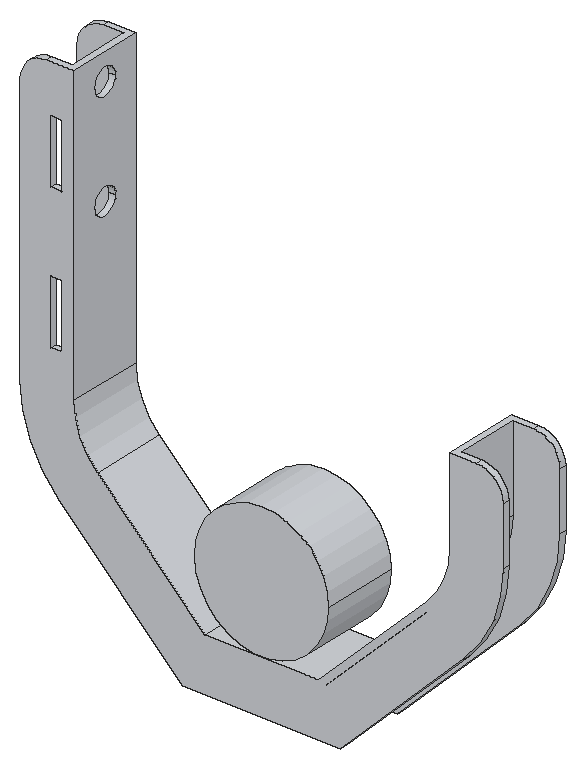
Revit family
Parameters
  URL = "www.siouxchief.com"
  Model = "521-723B"
  Manufacturer = "Sioux Chief Manufacturing"
  Keynote = "Commercial Chase Bracket"
  Description = "1 1/4\" Bracket"
Reference planes (in)
  plane 1 "Center (Front/Back)": y = 0
  plane 2: z = 0
  plane 3 "Center (Left/Right)": x = 0
Forms (in)
  Sweep 1, solid
    path origin (-1.74985, -0.00531, -17.375) x (0, 0, 1) y (-1, 0, 0)
      loop
        line (25.11806, 0) -> (22.36816, 0)
        arc (22.36816, 0) -> (22.08111, -0.0571) -> (21.83776, -0.2197) r 0.7501
        line (21.83776, -0.2197) -> (20.83796, -1.2195) -> (20.83796, -2.2802) -> (21.83776, -3.28)
        arc (21.83776, -3.28) -> (22.08111, -3.4426) -> (22.36816, -3.4997) r 0.7501
        line (22.36816, -3.4997) -> (23.15716, -3.4997)
    profile origin (-1.74985, -0.00531, 6.36811) x (0, -1, 0) y (1, 0, 0)
      loop
        line (-0.359, 0) -> (-0.359, -0.5) -> (-0.299, -0.5) -> (-0.299, -0.06) -> (0.299, -0.06) -> (0.299, -0.5) -> (0.359, -0.5) -> (0.359, 0) -> (-0.359, 0)
  Extrusion 2, void
    sketch origin (2.29588, -0.75, -1.9609) x (0, 0, 1) y (-1, 0, 0)
      loop
        line (7.74306, 0.04603) -> (7.74306, 0.29603)
        arc (7.74306, 0.29603) -> (7.66983, 0.11925) -> (7.49306, 0.04603) r 0.25
        line (7.49306, 0.04603) -> (7.74306, 0.04603)
    from -1.22856 to -0.23725
  Extrusion 3, void
    sketch origin (-2.29588, -0.75, 0) x (0, 0, 1) y (-1, 0, 0)
      loop
        line (7.74306, -0.04603) -> (7.49306, -0.04603)
        arc (7.49306, -0.04603) -> (7.66983, -0.11925) -> (7.74306, -0.29603) r 0.25
        line (7.74306, -0.29603) -> (7.74306, -0.04603)
    from -1.22856 to -0.23725
  Extrusion 4, void
    sketch origin (-2.34405, -0.75, 0.05) x (0, 0, 1) y (-1, 0, 0)
      loop
        line (7.24348, -0.47897) -> (7.24348, -0.37807) -> (6.64348, -0.37807) -> (6.64348, -0.47897) -> (7.24348, -0.47897)
    from -1.10369 to -0.38569
  Extrusion 5, void
    sketch origin (-2.34405, -0.75, -1.288) x (0, 0, 1) y (-1, 0, 0)
      loop
        line (7.24348, -0.47897) -> (7.24348, -0.37807) -> (6.64348, -0.37807) -> (6.64348, -0.47897) -> (7.24348, -0.47897)
    from -1.10369 to -0.38569
  Extrusion 6, void
    sketch origin (-2.29505, 0, 0) x (0, 1, 0) y (0, 0, 1)
      loop
        circle (-0.00531, 7.49306) r 0.125
    from 0.4852 to 0.5452
  Extrusion 7, void
    sketch origin (-2.29505, 0, -1) x (0, 1, 0) y (0, 0, 1)
      loop
        circle (-0.00531, 7.49306) r 0.125
    from 0.4852 to 0.5452
  Extrusion 8, solid
    sketch origin (0, -0.75, 0.24219) x (0, 0, 1) y (-1, 0, 0)
      loop
        circle (3.85184, 0) r 0.625
    from -1.10369 to -0.38569
Cuts and joins
  Extrusion 2, Extrusion 3, Extrusion 4, Extrusion 5, Extrusion 6, Extrusion 7 cuts Sweep 1
Dimensions and locks (in)
  aligned and locked: plane 2 to level
  aligned and locked: cut or joined group of Sweep 1, Extrusion 2, Extrusion 3, Extrusion 4, Extrusion 5, Extrusion 6, Extrusion 7 to Extrusion 8  (x2)
Connectors (in)
  piping at (0, 0.35369, 4.09402)
    settings: on Extrusion 8, index 1, connector radius 0.63", flow factor 0, pipe flow 0 GPM, pressure drop 0.00 psi, fitting loss kfactor 0, connector angle 0.00°, fixture units 0, flow configuration 0, flow direction 0, fitting loss method 0, system type 22, connector reference index -1, connector utility 0, adjustable connector no, is connector primary yes, fitting loss table "", connector description ""
  piping at (0, -0.36431, 4.09402)
    settings: on Extrusion 8, index 2, connector radius 0.63", flow factor 0, pipe flow 0 GPM, pressure drop 0.00 psi, fitting loss kfactor 0, connector angle 0.00°, fixture units 0, flow configuration 0, flow direction 0, fitting loss method 0, system type 22, connector reference index -1, connector utility 0, adjustable connector no, is connector primary no, fitting loss table "", connector description ""
